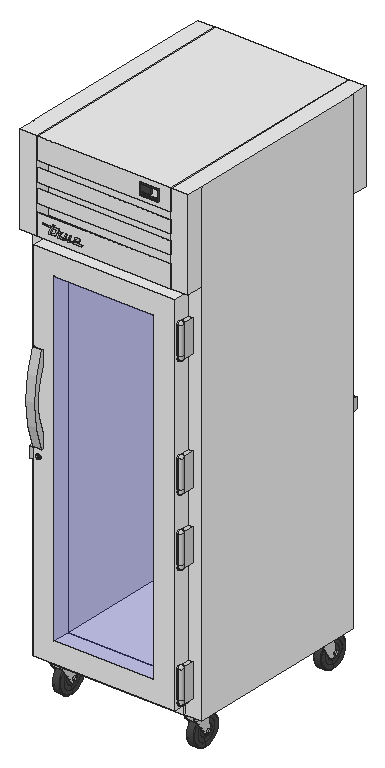
Revit family "QF_TRUE_STR1RPT-1G-1S-HC", category Specialty Equipment, Revit 2012
Parameters
  Weight in Pounds = 0
  Watts = Volts * FL Amps  # 437 W
  Volts = 115 V
  URL Manufacturer = "www.truemfg.com"
  URL Cutsheet = "www.truemfg.com"
  URL = "www.truemfg.com"
  Type Mark [instance] = ""
  Type Comments = "www.truemfg.com"
  Status [instance] = ""
  Specification by User [instance] = ""
  Specification by Manufacturer = ""
  Show Seismic Flanged [instance] = no
  Show Logo [instance] = yes
  Show Legs [instance] = no
  Show Clearance [instance] = yes
  Serial Number = ""
  Seismic Rating = ""
  Seismic Plate [instance] = and(Show Seismic Flanged, not(Show Casters))  # no
  SMACNA No = ""
  Revision Code [instance] = ""
  Phase = 1
  Omniclass Number and Title = ""
  Number of Poles [instance] = 1
  NAFEM Spec ID Number = ""
  Model = "STR1RPT-1G-1S-HC"
  Min Ckt Ampacity = 3.8 A
  Max Overcurrent Protection = 3.8 A
  MasterSpec. = ""
  Manufacturer = "TRUE FOOD SERVICE EQUIPMENT, INC."
  Length = 27 1/2"
  Legs [instance] = or(Show Legs, Show Seismic Flanged)  # no
  Item Number [instance] = ""
  Installed By [instance] = ""
  Identify Quantity as Lot [instance] = yes
  Height = 77 3/4"
  HP = "1/4"
  Furnished By [instance] = ""
  Foodservice Equipment Identifier [instance] = yes
  FL Amps = 3.8 A
  Electrical Remarks [instance] = ""
  Electric Connection Type [instance] = ""
  Elec Conn RI Height [instance] = 0"
  Elec Conn Connection Height [instance] = 0"
  Description = "PASS-THRU GLASS FRONT/SOLID REAR SWING DOORS REFRIGERATOR WITH HYDROCARBON REFRIGERANT"
  Depth = 36 1/8"
  Cycle = 60 Hz
  Conn Plug = "5-15P"
  Conn Conduit = yes
  Show Casters [instance] = and(not(if(Show Legs, Show Legs, Show Legs)), not(if(Show Legs, Show Legs, Show Seismic Flanged)))  # yes
  CSI MasterFormat = ""
  CSI Master Format = ""
  Apparent Power = if(Phase = 3, Volts * FL Amps * 1.73, Volts * FL Amps)  # 437 VA
Reference planes (in)
  plane 1: z = 0
  plane 2 "LEFT": x = 0
  plane 3 "RIGHT": x = 27.5
  plane 4 "FRONT": y = -33.75
  plane 5 "TOP": z = 84.125
  plane 6: z = 6.125
  plane 7: y = -33.8917
  plane 8: y = 2.375
  plane 9: y = 4.03125
  plane 10: y = -35.40625
Forms (in)
  Extrusion 1, solid, material "QF_Finishes_Chrome - Satin"
    sketch origin (0.09687, 0, 0) x (1, 0, 0) y (0, 1, 0)
      loop
        line (-0.09687, -0.375) -> (-0.09687, -31) -> (2.7625, -31) -> (2.7625, -0.375) -> (-0.09687, -0.375)
    from 6.125 to 84.125
  Extrusion 2, solid, material "QF_Finishes_Chrome - Satin"
    sketch origin (50.15, 0, 0) x (1, 0, 0) y (0, 1, 0)
      loop
        line (-25.50937, -0.375) -> (-25.50937, -31) -> (-22.65, -31) -> (-22.65, -0.375) -> (-25.50937, -0.375)
    from 6.125 to 84.125
  Extrusion 3, solid, material "QF_Finishes_Chrome - Satin"
    sketch origin (0, -0.1875, 0) x (0, 1, 0) y (0, 0, 1)
      loop
        line (-33.5625, 69.5) -> (-31, 69.5) -> (-31, 64.625) -> (0, 64.625) -> (0, 69.5) -> (2.5625, 69.5) -> (2.5625, 73.29302) -> (0.21659, 71.625) -> (0.21659, 72.90057) -> (2.5625, 74.56859) -> (2.5625, 76.6648) -> (0.21659, 74.99678) -> (0.21659, 75.95754) -> (2.5625, 77.62556) -> (2.5625, 79.75927) -> (0.21659, 78.09125) -> (0.21659, 79.21352) -> (2.5625, 80.88154) -> (2.5625, 84.125) -> (-33.5625, 84.125) -> (-33.5625, 80.68002) -> (-31.5, 79.21352) -> (-31.5, 78.09125) -> (-33.5625, 79.55776) -> (-33.5625, 77.42405) -> (-31.5, 75.95754) -> (-31.5, 74.99678) -> (-33.5625, 76.46328) -> (-33.5625, 74.36708) -> (-31.5, 72.90057) -> (-31.5, 71.625) -> (-33.5625, 73.09151) -> (-33.5625, 69.5)
      loop
        line (-31, 6.125) -> (0, 6.125) -> (0, 8.94743) -> (-31, 8.94743) -> (-31, 6.125)
    from 2.85938 to 24.64063
  Extrusion 4, solid, material "QF_Finishes_Chrome - Satin"
    sketch origin (0.10531, 0, 0) x (1, 0, 0) y (0, 1, 0)
      loop
        line (27.34782, -31) -> (24.53532, -31) -> (24.53532, -33.75) -> (27.34782, -33.75) -> (27.34782, -31)
    from 69.5 to 84.125
  Extrusion 5, solid, material "QF_Finishes_Chrome - Satin"
    sketch origin (-50.19421, 0, 0.25) x (1, 0, 0) y (0, 1, 0)
      loop
        line (53.05359, -31) -> (50.24109, -31) -> (50.24109, -33.75) -> (53.05359, -33.75) -> (53.05359, -31)
    from 69.25 to 83.875
  Extrusion 6, solid, material "QF_Finishes_Chrome - Satin"
    sketch origin (-25.125, 0, -0.71875) x (1, 0, 0) y (0, 0, 1)
      loop
        line (27.40625, 8.75) -> (50.34375, 8.75) -> (50.34375, 68.6875) -> (27.40625, 68.6875) -> (27.40625, 8.75)
      loop
        line (30.75, 12.09375) -> (47, 12.09375) -> (47, 65.34375) -> (30.75, 65.34375) -> (30.75, 12.09375)
    from 31 to 33.75
  Extrusion 7, solid, material "QF_Finishes_Handrails and Railings"
    sketch origin (-8.56481, -0.26185, 93.525) x (0, 1, 0) y (0, 0, 1)
      loop
        line (-33.48815, -54.775) -> (-33.48815, -52.39813)
        arc (-33.48815, -52.39813) -> (-34.66767, -47.525) -> (-33.48815, -42.65188) r 10.65627
        line (-33.48815, -42.65188) -> (-33.48815, -40.275) -> (-33.7, -40.275)
        arc (-33.7, -40.275) -> (-35.1444, -47.525) -> (-33.7, -54.775) r 18.91753
        line (-33.7, -54.775) -> (-33.48815, -54.775)
    from 10.87731 to 12.37731
  Extrusion 8, solid, material "QF_Finishes_Handrails and Railings"
    sketch origin (-23.375, -0.1875, -2.6875) x (1, 0, 0) y (0, 0, 1)
      loop
        circle (26.4375, 40.0625) r 0.35
      loop
        line (26.47265, 40.33635) -> (26.41715, 40.33635) -> (26.41715, 39.76895) -> (26.47265, 39.76895) -> (26.47265, 40.33635)
    from 33.5625 to 33.625
  Extrusion 9, solid, material "QF_Finishes_Handrails and Railings", visible <- "Show Logo"
    sketch origin (0.33478, 1.08173, -6.73143) x (1, 0, 0) y (0, 0, 1)
      loop
        line (3.46044, 78.46231) -> (3.35478, 78.23573) -> (4.76027, 78.23573)
        arc (4.76027, 78.23573) -> (4.78879, 78.18528) -> (4.76027, 78.13484) r 0.05887
        line (4.76027, 78.13484) -> (4.39369, 77.34872)
        arc (4.39369, 77.34872) -> (4.39051, 77.27591) -> (4.43975, 77.22217) r 0.09523
        line (4.43975, 77.22217) -> (5.33844, 77.22217)
        arc (5.33844, 77.22217) -> (5.45192, 77.25795) -> (5.52436, 77.35235) r 0.19785
        line (5.52436, 77.35235) -> (5.81285, 77.97101) -> (6.0779, 77.97101)
        arc (6.0779, 77.97101) -> (6.14744, 77.94543) -> (6.13737, 77.87203) r 0.05911
        line (6.13737, 77.87203) -> (5.89598, 77.35437)
        arc (5.89598, 77.35437) -> (5.89974, 77.2684) -> (5.97231, 77.22217) r 0.09318
        line (5.97231, 77.22217) -> (6.76198, 77.22217)
        arc (6.76198, 77.22217) -> (6.82249, 77.24419) -> (6.85468, 77.29995) r 0.09412
        arc (6.85468, 77.29995) -> (6.87746, 77.24495) -> (6.93246, 77.22217) r 0.07778
        line (6.93246, 77.22217) -> (7.43246, 77.22217)
        arc (7.43246, 77.22217) -> (7.49022, 77.23765) -> (7.53251, 77.27993) r 0.11552
        arc (7.53251, 77.27993) -> (7.55275, 77.23106) -> (7.60162, 77.21081) r 0.06912
        line (7.60162, 77.21081) -> (8.31225, 77.21081)
        arc (8.31225, 77.21081) -> (8.37034, 77.23488) -> (8.39441, 77.29297) r 0.08216
        arc (8.39441, 77.29297) -> (8.44767, 77.23972) -> (8.52042, 77.22022) r 0.14551
        line (8.52042, 77.22022) -> (9.85158, 77.22022) -> (9.99946, 77.47634) -> (8.65678, 77.47634)
        arc (8.65678, 77.47634) -> (8.61972, 77.50204) -> (8.61834, 77.54711) r 0.05009
        line (8.61834, 77.54711) -> (8.64157, 77.59692)
        arc (8.64157, 77.59692) -> (8.67723, 77.64364) -> (8.73327, 77.66135) r 0.09747
        line (8.73327, 77.66135) -> (9.16485, 77.66135)
        arc (9.16485, 77.66135) -> (9.258, 77.68631) -> (9.32619, 77.7545) r 0.1863
        line (9.32619, 77.7545) -> (9.45119, 77.97101)
        arc (9.45119, 77.97101) -> (9.45119, 78.08657) -> (9.35111, 78.14434) r 0.11556
        line (9.35111, 78.14434) -> (8.89562, 78.14434)
        arc (8.89562, 78.14434) -> (8.7795, 78.12462) -> (8.69849, 78.03912) r 0.18605
        line (8.69849, 78.03912) -> (8.48204, 77.57493)
        arc (8.48204, 77.57493) -> (8.41815, 77.49167) -> (8.31806, 77.46011) r 0.1745
        line (8.31806, 77.46011) -> (7.84559, 77.46011)
        arc (7.84559, 77.46011) -> (7.78903, 77.52184) -> (7.79268, 77.60548) r 0.10939
        line (7.79268, 77.60548) -> (8.04395, 78.14434) -> (7.88403, 78.14434) -> (7.61781, 77.57344)
        arc (7.61781, 77.57344) -> (7.56609, 77.50603) -> (7.48505, 77.48048) r 0.14128
        line (7.48505, 77.48048) -> (7.15925, 77.48048)
        arc (7.15925, 77.48048) -> (7.10419, 77.55223) -> (7.116, 77.64189) r 0.11816
        line (7.116, 77.64189) -> (7.3503, 78.14434) -> (7.18514, 78.14434) -> (6.91546, 77.566)
        arc (6.91546, 77.566) -> (6.85285, 77.50339) -> (6.76733, 77.48048) r 0.17104
        line (6.76733, 77.48048) -> (6.29555, 77.48048)
        arc (6.29555, 77.48048) -> (6.21082, 77.51999) -> (6.20267, 77.61313) r 0.0935
        line (6.20267, 77.61313) -> (6.35774, 77.94569) -> (6.57695, 77.94569)
        arc (6.57695, 77.94569) -> (6.61395, 78.05717) -> (6.69267, 78.14434) r 0.2857
        line (6.69267, 78.14434) -> (5.83605, 78.14434)
        arc (5.83605, 78.14434) -> (5.74086, 78.12324) -> (5.67498, 78.05135) r 0.16212
        line (5.67498, 78.05135) -> (5.44279, 77.55341)
        arc (5.44279, 77.55341) -> (5.3894, 77.50002) -> (5.31647, 77.48048) r 0.14586
        line (5.31647, 77.48048) -> (4.80506, 77.48048)
        arc (4.80506, 77.48048) -> (4.76514, 77.53442) -> (4.77274, 77.60109) r 0.09155
        line (4.77274, 77.60109) -> (5.11018, 78.23573) -> (5.96155, 78.23573) -> (6.06721, 78.46231) -> (5.21584, 78.46231) -> (5.32149, 78.68888) -> (5.01862, 78.68888) -> (4.91297, 78.46231) -> (3.46044, 78.46231)
      loop
        arc (8.83805, 77.93863) -> (8.80119, 77.92875) -> (8.7742, 77.90176) r 0.07373
        line (8.7742, 77.90176) -> (8.75229, 77.83436)
        arc (8.75229, 77.83436) -> (8.76245, 77.80983) -> (8.78699, 77.79966) r 0.0347
        line (8.78699, 77.79966) -> (9.15948, 77.79966)
        arc (9.15948, 77.79966) -> (9.18632, 77.80561) -> (9.20812, 77.82234) r 0.0635
        line (9.20812, 77.82234) -> (9.22624, 77.90622)
        arc (9.22624, 77.90622) -> (9.22091, 77.92868) -> (9.20009, 77.93863) r 0.02676
        line (9.20009, 77.93863) -> (8.83805, 77.93863)
    from 34.64423 to 34.83173
  Extrusion 10, solid
    sketch origin (-25.125, 2.60721, 0) x (1, 0, 0) y (0, 0, 1)
      loop
        circle (49.375, 82) r 0.25
    from 0.23221 to 0.125
  Blend 11, solid, material "QF_Finishes_Handrails and Railings"
    base sketch origin (27.53125, 0, -0.6875) x (-1, 0, 0) y (0, 0, -1)
      loop
        line (25.25, -38.99169) -> (26, -38.99169) -> (26, -37.24169) -> (25.25, -37.24169) -> (25.25, -38.99169)
    top sketch origin (27.53125, 0, -0.6875) x (-1, 0, 0) y (0, 0, -1)
      loop
        line (26.18223, -36.6441) -> (25.25, -36.6441) -> (25.25, -39.42643) -> (26.18223, -39.42643) -> (26.18223, -36.6441)
    from 33.5625 to 31
  Extrusion 12, solid, material "QF_Finishes_Handrails and Railings"
    sketch origin (26.21875, 0.10979, 0) x (0, 1, 0) y (0, 0, -1)
      loop
        line (-31.10979, -64.55229) -> (-31.10979, -59.23627) -> (-33.25, -59.23627) -> (-33.25, -59.94848) -> (-32.81497, -59.94848) -> (-32.81497, -64.34776)
        arc (-32.81497, -64.34776) -> (-32.75506, -64.49238) -> (-32.61044, -64.55229) r 0.20453
        line (-32.61044, -64.55229) -> (-31.10979, -64.55229)
    from 0.17506 to 1
  Revolve 13, solid, material "QF_Finishes_Handrails and Railings"
    sketch origin (25.71875, 0.10979, 0) x (0, 1, 0) y (0, 0, -1)
      loop
        line (-33.26563, -60.00189) -> (-33.67229, -60.00189) -> (-33.67229, -64.4736)
        arc (-33.67229, -64.4736) -> (-33.53722, -64.72557) -> (-33.26563, -64.81483) r 0.3848
        line (-33.26563, -64.81483) -> (-33.26563, -60.00189)
      loop
        line (-33.26563, -59.94848) -> (-33.26563, -59.04781)
        arc (-33.26563, -59.04781) -> (-33.53264, -59.13383) -> (-33.67229, -59.37712) r 0.38884
        line (-33.67229, -59.37712) -> (-33.67229, -59.94848) -> (-33.26563, -59.94848)
      axis (-33.26563, -59.04781) -> (-33.26563, -64.81483)
    angle from 0 to 360
  Extrusion 14, solid, material "QF_Finishes_Handrails and Railings"
    sketch origin (27.53125, 0.10979, 0) x (-1, 0, 0) y (0, 0, -1)
      loop
        line (1.91491, -64.4736) -> (2.3125, -64.4736) -> (2.3125, -60.00079) -> (1.91491, -60.00079) -> (1.91491, -64.4736)
    from 32.81497 to 33.59495
  Extrusion 15, solid, material "QF_Finishes_Handrails and Railings"
    sketch origin (26.21875, 0.10979, -19.5) x (0, 1, 0) y (0, 0, -1)
      loop
        line (-31.10979, -64.55229) -> (-31.10979, -59.23627) -> (-33.25, -59.23627) -> (-33.25, -59.94848) -> (-32.81497, -59.94848) -> (-32.81497, -64.34776)
        arc (-32.81497, -64.34776) -> (-32.75506, -64.49238) -> (-32.61044, -64.55229) r 0.20453
        line (-32.61044, -64.55229) -> (-31.10979, -64.55229)
    from 0.17506 to 1
  Revolve 16, solid, material "QF_Finishes_Handrails and Railings"
    sketch origin (25.71875, 0.10979, -19.5) x (0, 1, 0) y (0, 0, -1)
      loop
        line (-33.26563, -60.00189) -> (-33.67229, -60.00189) -> (-33.67229, -64.4736)
        arc (-33.67229, -64.4736) -> (-33.53722, -64.72557) -> (-33.26563, -64.81483) r 0.3848
        line (-33.26563, -64.81483) -> (-33.26563, -60.00189)
      loop
        line (-33.26563, -59.94848) -> (-33.26563, -59.04781)
        arc (-33.26563, -59.04781) -> (-33.53264, -59.13383) -> (-33.67229, -59.37712) r 0.38884
        line (-33.67229, -59.37712) -> (-33.67229, -59.94848) -> (-33.26563, -59.94848)
      axis (-33.26563, -59.04781) -> (-33.26563, -64.81483)
    angle from 0 to 360
  Extrusion 17, solid, material "QF_Finishes_Handrails and Railings"
    sketch origin (27.53125, 0.10979, -19.5) x (-1, 0, 0) y (0, 0, -1)
      loop
        line (1.91491, -64.4736) -> (2.3125, -64.4736) -> (2.3125, -60.00079) -> (1.91491, -60.00079) -> (1.91491, -64.4736)
    from 32.81497 to 33.59495
  Extrusion 18, solid, material "QF_Finishes_Handrails and Railings"
    sketch origin (26.21875, 0.10979, -30.5) x (0, 1, 0) y (0, 0, -1)
      loop
        line (-31.10979, -64.55229) -> (-31.10979, -59.23627) -> (-33.25, -59.23627) -> (-33.25, -59.94848) -> (-32.81497, -59.94848) -> (-32.81497, -64.34776)
        arc (-32.81497, -64.34776) -> (-32.75506, -64.49238) -> (-32.61044, -64.55229) r 0.20453
        line (-32.61044, -64.55229) -> (-31.10979, -64.55229)
    from 0.17506 to 1
  Revolve 19, solid, material "QF_Finishes_Handrails and Railings"
    sketch origin (25.71875, 0.10979, -30.5) x (0, 1, 0) y (0, 0, -1)
      loop
        line (-33.26563, -60.00189) -> (-33.67229, -60.00189) -> (-33.67229, -64.4736)
        arc (-33.67229, -64.4736) -> (-33.53722, -64.72557) -> (-33.26563, -64.81483) r 0.3848
        line (-33.26563, -64.81483) -> (-33.26563, -60.00189)
      loop
        line (-33.26563, -59.94848) -> (-33.26563, -59.04781)
        arc (-33.26563, -59.04781) -> (-33.53264, -59.13383) -> (-33.67229, -59.37712) r 0.38884
        line (-33.67229, -59.37712) -> (-33.67229, -59.94848) -> (-33.26563, -59.94848)
      axis (-33.26563, -59.04781) -> (-33.26563, -64.81483)
    angle from 0 to 360
  Extrusion 20, solid, material "QF_Finishes_Handrails and Railings"
    sketch origin (27.53125, 0.10979, -30.5) x (-1, 0, 0) y (0, 0, -1)
      loop
        line (1.91491, -64.4736) -> (2.3125, -64.4736) -> (2.3125, -60.00079) -> (1.91491, -60.00079) -> (1.91491, -64.4736)
    from 32.81497 to 33.59495
  Extrusion 21, solid, material "QF_Finishes_Handrails and Railings"
    sketch origin (26.21875, 0.10979, -50.25) x (0, 1, 0) y (0, 0, -1)
      loop
        line (-31.10979, -64.55229) -> (-31.10979, -59.19743) -> (-33.25, -59.19743) -> (-33.25, -59.94848) -> (-32.81497, -59.94848) -> (-32.81497, -64.34776)
        arc (-32.81497, -64.34776) -> (-32.75506, -64.49238) -> (-32.61044, -64.55229) r 0.20453
        line (-32.61044, -64.55229) -> (-31.10979, -64.55229)
    from 0.17506 to 1
  Revolve 22, solid, material "QF_Finishes_Handrails and Railings"
    sketch origin (25.71875, 0.10979, -50.25) x (0, 1, 0) y (0, 0, -1)
      loop
        line (-33.26563, -60.00189) -> (-33.67229, -60.00189) -> (-33.67229, -64.4736)
        arc (-33.67229, -64.4736) -> (-33.53722, -64.72557) -> (-33.26563, -64.81483) r 0.3848
        line (-33.26563, -64.81483) -> (-33.26563, -60.00189)
      loop
        line (-33.26563, -59.94848) -> (-33.26563, -59.04781)
        arc (-33.26563, -59.04781) -> (-33.53264, -59.13383) -> (-33.67229, -59.37712) r 0.38884
        line (-33.67229, -59.37712) -> (-33.67229, -59.94848) -> (-33.26563, -59.94848)
      axis (-33.26563, -59.04781) -> (-33.26563, -64.81483)
    angle from 0 to 360
  Extrusion 23, solid, material "QF_Finishes_Handrails and Railings"
    sketch origin (27.53125, 0.10979, -50.25) x (-1, 0, 0) y (0, 0, -1)
      loop
        line (1.91491, -64.4736) -> (2.3125, -64.4736) -> (2.3125, -60.00079) -> (1.91491, -60.00079) -> (1.91491, -64.4736)
    from 32.81497 to 33.59495
  Revolve 24, solid, material "QF_Finishes_Black", visible <- "Show Casters"
    sketch origin (22.65625, -27.375, 0) x (1, 0, 0) y (0, 0, 1)
      loop
        line (1.475, 5) -> (1.375, 4.9) -> (1.375, 4.29941) -> (1.53601, 4.29941) -> (1.53601, 3.54941) -> (1.375, 3.54941) -> (1.375, 2.79941) -> (0.975, 2.79941) -> (0.975, 2.5) -> (3.025, 2.5) -> (3.025, 2.79941) -> (2.62908, 2.79941) -> (2.62908, 3.54941) -> (2.46399, 3.54941) -> (2.46399, 4.29941) -> (2.62908, 4.29941) -> (2.62908, 4.89592) -> (2.525, 5) -> (1.475, 5)
      axis (3.025, 2.5) -> (0.975, 2.5)
    angle from 0 to 360
  Extrusion 25, solid, material "QF_Finishes_Handrails and Railings", visible <- "Show Casters"
    sketch origin (22.65625, 0, 0) x (0, 1, 0) y (0, 0, 1)
      loop
        line (-29.95136, 5.48574) -> (-29.95136, 4.88089) -> (-29.70136, 4.88089) -> (-27.95216, 2.18736)
        arc (-27.95216, 2.18736) -> (-27.23883, 1.94868) -> (-26.84581, 2.59003) r 0.60416
        line (-26.84581, 2.59003) -> (-27.20136, 5.48574) -> (-29.95136, 5.48574)
      loop
        line (-4.07645, 5.48574) -> (-4.07645, 4.88089) -> (-3.82645, 4.88089) -> (-2.07725, 2.18736)
        arc (-2.07725, 2.18736) -> (-1.36392, 1.94868) -> (-0.9709, 2.59003) r 0.60416
        line (-0.9709, 2.59003) -> (-1.32645, 5.48574) -> (-4.07645, 5.48574)
    from 1.175 to 1.325
  Extrusion 26, solid, material "QF_Finishes_Handrails and Railings", visible <- "Show Casters"
    sketch origin (24.15625, 0, 0) x (0, 1, 0) y (0, 0, 1)
      loop
        line (-29.95136, 5.48574) -> (-29.95136, 4.88089) -> (-29.70136, 4.88089) -> (-27.95216, 2.18736)
        arc (-27.95216, 2.18736) -> (-27.23883, 1.94868) -> (-26.84581, 2.59003) r 0.60416
        line (-26.84581, 2.59003) -> (-27.20136, 5.48574) -> (-29.95136, 5.48574)
      loop
        line (-4.45145, 5.48574) -> (-4.45145, 4.88089) -> (-4.20145, 4.88089) -> (-2.45225, 2.18736)
        arc (-2.45225, 2.18736) -> (-1.73892, 1.94868) -> (-1.3459, 2.59003) r 0.60416
        line (-1.3459, 2.59003) -> (-1.70145, 5.48574) -> (-4.45145, 5.48574)
    from 1.175 to 1.325
  Revolve 27, solid, material "QF_Finishes_Chrome - Satin", visible <- "Show Casters"
    sketch origin (22.65625, -28.5625, -0.5) x (1, 0, 0) y (0, 0, 1)
      loop
        line (2, 5.99546) -> (2, 6.625) -> (0.70293, 6.625) -> (0.70293, 5.99546) -> (2, 5.99546)
      axis (2, 5.99546) -> (2, 6.625)
    angle from 0 to 360
  Revolve 28, solid, material "QF_Finishes_Chrome - Satin", visible <- "Legs"
    sketch origin (22.65625, -2.69102, 0) x (1, 0, 0) y (0, 0, 1)
      loop
        line (2, 6.125) -> (0.66662, 6.125) -> (1.25, 1) -> (1.5, 1) -> (1.5, 0) -> (2, 0) -> (2, 6.125)
      axis (2, 0) -> (2, 6.125)
    angle from 0 to 360
  Revolve 29, solid, material "QF_Finishes_Chrome - Satin", visible <- "Legs"
    sketch origin (22.65625, -28.5625, 0) x (1, 0, 0) y (0, 0, 1)
      loop
        line (2, 6.125) -> (0.66662, 6.125) -> (1.25, 1) -> (1.5, 1) -> (1.5, 0) -> (2, 0) -> (2, 6.125)
      axis (2, 0) -> (2, 6.125)
    angle from 0 to 360
  Revolve 30, solid, material "QF_Finishes_Chrome - Satin", visible <- "Show Casters"
    sketch origin (22.65625, -2.70321, -0.5) x (1, 0, 0) y (0, 0, 1)
      loop
        line (2, 5.99546) -> (2, 6.625) -> (0.70293, 6.625) -> (0.70293, 5.99546) -> (2, 5.99546)
      axis (2, 5.99546) -> (2, 6.625)
    angle from 0 to 360
  Extrusion 31, solid, material "QF_Finishes_Handrails and Railings", visible <- "Show Casters"
    sketch origin (-25.125, 0, 0) x (0, 1, 0) y (0, 0, 1)
      loop
        line (-29.95136, 5.48574) -> (-29.95136, 4.88089) -> (-29.70136, 4.88089) -> (-27.16533, 5.19227) -> (-27.20136, 5.48574) -> (-29.95136, 5.48574)
      loop
        line (-4.07645, 5.48574) -> (-4.07645, 4.88089) -> (-3.82645, 4.88089) -> (-1.29042, 5.19227) -> (-1.32645, 5.48574) -> (-4.07645, 5.48574)
    from 49.10625 to 50.45625
  Revolve 32, solid, material "QF_Finishes_Black", visible <- "Show Casters"
    sketch origin (22.65625, -1.4375, 0) x (1, 0, 0) y (0, 0, 1)
      loop
        line (1.475, 5) -> (1.375, 4.9) -> (1.375, 4.29941) -> (1.53601, 4.29941) -> (1.53601, 3.54941) -> (1.375, 3.54941) -> (1.375, 2.79941) -> (0.975, 2.79941) -> (0.975, 2.5) -> (3.025, 2.5) -> (3.025, 2.79941) -> (2.62908, 2.79941) -> (2.62908, 3.54941) -> (2.46399, 3.54941) -> (2.46399, 4.29941) -> (2.62908, 4.29941) -> (2.62908, 4.89592) -> (2.525, 5) -> (1.475, 5)
      axis (3.025, 2.5) -> (0.975, 2.5)
    angle from 0 to 360
  Revolve 33, solid, material "QF_Finishes_Black", visible <- "Show Casters"
    sketch origin (0.84375, -27.375, 0) x (1, 0, 0) y (0, 0, 1)
      loop
        line (1.475, 5) -> (1.375, 4.9) -> (1.375, 4.29941) -> (1.53601, 4.29941) -> (1.53601, 3.54941) -> (1.375, 3.54941) -> (1.375, 2.79941) -> (0.975, 2.79941) -> (0.975, 2.5) -> (3.025, 2.5) -> (3.025, 2.79941) -> (2.62908, 2.79941) -> (2.62908, 3.54941) -> (2.46399, 3.54941) -> (2.46399, 4.29941) -> (2.62908, 4.29941) -> (2.62908, 4.89592) -> (2.525, 5) -> (1.475, 5)
      axis (3.025, 2.5) -> (0.975, 2.5)
    angle from 0 to 360
  Extrusion 34, solid, material "QF_Finishes_Handrails and Railings", visible <- "Show Casters"
    sketch origin (0.84375, 0, 0) x (0, 1, 0) y (0, 0, 1)
      loop
        line (-29.95136, 5.48574) -> (-29.95136, 4.88089) -> (-29.70136, 4.88089) -> (-27.95216, 2.18736)
        arc (-27.95216, 2.18736) -> (-27.23883, 1.94868) -> (-26.84581, 2.59003) r 0.60416
        line (-26.84581, 2.59003) -> (-27.20136, 5.48574) -> (-29.95136, 5.48574)
      loop
        line (-4.07645, 5.48574) -> (-4.07645, 4.88089) -> (-3.82645, 4.88089) -> (-2.07725, 2.18736)
        arc (-2.07725, 2.18736) -> (-1.36392, 1.94868) -> (-0.9709, 2.59003) r 0.60416
        line (-0.9709, 2.59003) -> (-1.32645, 5.48574) -> (-4.07645, 5.48574)
    from 1.175 to 1.325
  Extrusion 35, solid, material "QF_Finishes_Handrails and Railings", visible <- "Show Casters"
    sketch origin (2.34375, 0, 0) x (0, 1, 0) y (0, 0, 1)
      loop
        line (-29.95136, 5.48574) -> (-29.95136, 4.88089) -> (-29.70136, 4.88089) -> (-27.95216, 2.18736)
        arc (-27.95216, 2.18736) -> (-27.23883, 1.94868) -> (-26.84581, 2.59003) r 0.60416
        line (-26.84581, 2.59003) -> (-27.20136, 5.48574) -> (-29.95136, 5.48574)
      loop
        line (-4.07645, 5.48574) -> (-4.07645, 4.88089) -> (-3.82645, 4.88089) -> (-2.07725, 2.18736)
        arc (-2.07725, 2.18736) -> (-1.36392, 1.94868) -> (-0.9709, 2.59003) r 0.60416
        line (-0.9709, 2.59003) -> (-1.32645, 5.48574) -> (-4.07645, 5.48574)
    from 1.175 to 1.325
  Revolve 36, solid, material "QF_Finishes_Chrome - Satin", visible <- "Show Casters"
    sketch origin (0.84375, -28.5625, -0.5) x (1, 0, 0) y (0, 0, 1)
      loop
        line (2, 5.99546) -> (2, 6.625) -> (0.70293, 6.625) -> (0.70293, 5.99546) -> (2, 5.99546)
      axis (2, 5.99546) -> (2, 6.625)
    angle from 0 to 360
  Revolve 37, solid, material "QF_Finishes_Chrome - Satin", visible <- "Legs"
    sketch origin (0.84375, -2.69102, 0) x (1, 0, 0) y (0, 0, 1)
      loop
        line (2, 6.125) -> (0.66662, 6.125) -> (1.25, 1) -> (1.5, 1) -> (1.5, 0) -> (2, 0) -> (2, 6.125)
      axis (2, 0) -> (2, 6.125)
    angle from 0 to 360
  Revolve 38, solid, material "QF_Finishes_Chrome - Satin", visible <- "Legs"
    sketch origin (0.84375, -28.5625, 0) x (1, 0, 0) y (0, 0, 1)
      loop
        line (2, 6.125) -> (0.66662, 6.125) -> (1.25, 1) -> (1.5, 1) -> (1.5, 0) -> (2, 0) -> (2, 6.125)
      axis (2, 0) -> (2, 6.125)
    angle from 0 to 360
  Revolve 39, solid, material "QF_Finishes_Chrome - Satin", visible <- "Show Casters"
    sketch origin (0.84375, -2.70321, -0.5) x (1, 0, 0) y (0, 0, 1)
      loop
        line (2, 5.99546) -> (2, 6.625) -> (0.70293, 6.625) -> (0.70293, 5.99546) -> (2, 5.99546)
      axis (2, 5.99546) -> (2, 6.625)
    angle from 0 to 360
  Extrusion 40, solid, material "QF_Finishes_Handrails and Railings", visible <- "Show Casters"
    sketch origin (-46.9375, 0, 0) x (0, 1, 0) y (0, 0, 1)
      loop
        line (-29.95136, 5.48574) -> (-29.95136, 4.88089) -> (-29.70136, 4.88089) -> (-27.16533, 5.19227) -> (-27.20136, 5.48574) -> (-29.95136, 5.48574)
      loop
        line (-4.07645, 5.48574) -> (-4.07645, 4.88089) -> (-3.82645, 4.88089) -> (-1.29042, 5.19227) -> (-1.32645, 5.48574) -> (-4.07645, 5.48574)
    from 49.10625 to 50.45625
  Revolve 41, solid, material "QF_Finishes_Black", visible <- "Show Casters"
    sketch origin (0.84375, -1.4375, 0) x (1, 0, 0) y (0, 0, 1)
      loop
        line (1.475, 5) -> (1.375, 4.9) -> (1.375, 4.29941) -> (1.53601, 4.29941) -> (1.53601, 3.54941) -> (1.375, 3.54941) -> (1.375, 2.79941) -> (0.975, 2.79941) -> (0.975, 2.5) -> (3.025, 2.5) -> (3.025, 2.79941) -> (2.62908, 2.79941) -> (2.62908, 3.54941) -> (2.46399, 3.54941) -> (2.46399, 4.29941) -> (2.62908, 4.29941) -> (2.62908, 4.89592) -> (2.525, 5) -> (1.475, 5)
      axis (3.025, 2.5) -> (0.975, 2.5)
    angle from 0 to 360
  Extrusion 42, solid, material "Glass"
    sketch origin (-25.125, 0, -0.71875) x (1, 0, 0) y (0, 0, 1)
      loop
        line (30.75, 12.09375) -> (47, 12.09375) -> (47, 65.34375) -> (30.75, 65.34375) -> (30.75, 12.09375)
    from 31 to 33.75
  Extrusion 43, solid, material "QF_Finishes_Chrome - Satin"
    sketch origin (-25.125, -31.7042, -0.71875) x (1, 0, 0) y (0, 0, -1)
      loop
        line (27.40625, -68.6875) -> (50.34375, -68.6875) -> (50.34375, -8.75) -> (27.40625, -8.75) -> (27.40625, -68.6875)
    from 31.3292 to 34.0792
  Extrusion 44, solid, material "QF_Finishes_Chrome - Satin"
    sketch origin (0.10531, -31.3292, 0) x (1, 0, 0) y (0, 1, 0)
      loop
        line (27.34782, 30.9542) -> (27.34782, 33.7042) -> (24.53532, 33.7042) -> (24.53532, 30.9542) -> (27.34782, 30.9542)
    from 69.5 to 84.125
  Extrusion 45, solid, material "QF_Finishes_Chrome - Satin"
    sketch origin (-50.14734, -31.3292, 0.25) x (1, 0, 0) y (0, 1, 0)
      loop
        line (53.00671, 30.9542) -> (53.00671, 33.7042) -> (50.19421, 33.7042) -> (50.19421, 30.9542) -> (53.00671, 30.9542)
    from 69.25 to 83.875
  Extrusion 46, solid, material "QF_Finishes_Handrails and Railings"
    sketch origin (1.28125, -31.48479, 0) x (0, -1, 0) y (0, 0, -1)
      loop
        line (-31.10979, -64.55229) -> (-31.10979, -59.23627) -> (-33.25, -59.23627) -> (-33.25, -59.94848) -> (-32.81497, -59.94848) -> (-32.81497, -64.34776)
        arc (-32.81497, -64.34776) -> (-32.75506, -64.49238) -> (-32.61044, -64.55229) r 0.20453
        line (-32.61044, -64.55229) -> (-31.10979, -64.55229)
    from 0.17506 to 1
  Revolve 47, solid, material "QF_Finishes_Handrails and Railings"
    sketch origin (1.78125, -31.48479, 0) x (0, -1, 0) y (0, 0, -1)
      loop
        line (-33.26563, -60.00189) -> (-33.67229, -60.00189) -> (-33.67229, -64.4736)
        arc (-33.67229, -64.4736) -> (-33.53722, -64.72557) -> (-33.26563, -64.81483) r 0.3848
        line (-33.26563, -64.81483) -> (-33.26563, -60.00189)
      loop
        line (-33.26563, -59.94848) -> (-33.26563, -59.04781)
        arc (-33.26563, -59.04781) -> (-33.53264, -59.13383) -> (-33.67229, -59.37712) r 0.38884
        line (-33.67229, -59.37712) -> (-33.67229, -59.94848) -> (-33.26563, -59.94848)
      axis (-33.26563, -59.04781) -> (-33.26563, -64.81483)
    angle from 0 to 360
  Extrusion 48, solid, material "QF_Finishes_Handrails and Railings"
    sketch origin (-0.03125, -31.48479, 0) x (1, 0, 0) y (0, 0, -1)
      loop
        line (1.91491, -64.4736) -> (2.3125, -64.4736) -> (2.3125, -60.00079) -> (1.91491, -60.00079) -> (1.91491, -64.4736)
    from 32.81497 to 33.59495
  Extrusion 49, solid, material "QF_Finishes_Handrails and Railings"
    sketch origin (1.28125, -31.48479, -19.5) x (0, -1, 0) y (0, 0, -1)
      loop
        line (-31.10979, -64.55229) -> (-31.10979, -59.23627) -> (-33.25, -59.23627) -> (-33.25, -59.94848) -> (-32.81497, -59.94848) -> (-32.81497, -64.34776)
        arc (-32.81497, -64.34776) -> (-32.75506, -64.49238) -> (-32.61044, -64.55229) r 0.20453
        line (-32.61044, -64.55229) -> (-31.10979, -64.55229)
    from 0.17506 to 1
  Revolve 50, solid, material "QF_Finishes_Handrails and Railings"
    sketch origin (1.78125, -31.48479, -19.5) x (0, -1, 0) y (0, 0, -1)
      loop
        line (-33.26563, -60.00189) -> (-33.67229, -60.00189) -> (-33.67229, -64.4736)
        arc (-33.67229, -64.4736) -> (-33.53722, -64.72557) -> (-33.26563, -64.81483) r 0.3848
        line (-33.26563, -64.81483) -> (-33.26563, -60.00189)
      loop
        line (-33.26563, -59.94848) -> (-33.26563, -59.04781)
        arc (-33.26563, -59.04781) -> (-33.53264, -59.13383) -> (-33.67229, -59.37712) r 0.38884
        line (-33.67229, -59.37712) -> (-33.67229, -59.94848) -> (-33.26563, -59.94848)
      axis (-33.26563, -59.04781) -> (-33.26563, -64.81483)
    angle from 0 to 360
  Extrusion 51, solid, material "QF_Finishes_Handrails and Railings"
    sketch origin (-0.03125, -31.48479, -19.5) x (1, 0, 0) y (0, 0, -1)
      loop
        line (1.91491, -64.4736) -> (2.3125, -64.4736) -> (2.3125, -60.00079) -> (1.91491, -60.00079) -> (1.91491, -64.4736)
    from 32.81497 to 33.59495
  Extrusion 52, solid, material "QF_Finishes_Handrails and Railings"
    sketch origin (1.28125, -31.48479, -30.5) x (0, -1, 0) y (0, 0, -1)
      loop
        line (-31.10979, -64.55229) -> (-31.10979, -59.23627) -> (-33.25, -59.23627) -> (-33.25, -59.94848) -> (-32.81497, -59.94848) -> (-32.81497, -64.34776)
        arc (-32.81497, -64.34776) -> (-32.75506, -64.49238) -> (-32.61044, -64.55229) r 0.20453
        line (-32.61044, -64.55229) -> (-31.10979, -64.55229)
    from 0.17506 to 1
  Revolve 53, solid, material "QF_Finishes_Handrails and Railings"
    sketch origin (1.78125, -31.48479, -30.5) x (0, -1, 0) y (0, 0, -1)
      loop
        line (-33.26563, -60.00189) -> (-33.67229, -60.00189) -> (-33.67229, -64.4736)
        arc (-33.67229, -64.4736) -> (-33.53722, -64.72557) -> (-33.26563, -64.81483) r 0.3848
        line (-33.26563, -64.81483) -> (-33.26563, -60.00189)
      loop
        line (-33.26563, -59.94848) -> (-33.26563, -59.04781)
        arc (-33.26563, -59.04781) -> (-33.53264, -59.13383) -> (-33.67229, -59.37712) r 0.38884
        line (-33.67229, -59.37712) -> (-33.67229, -59.94848) -> (-33.26563, -59.94848)
      axis (-33.26563, -59.04781) -> (-33.26563, -64.81483)
    angle from 0 to 360
  Extrusion 54, solid, material "QF_Finishes_Handrails and Railings"
    sketch origin (-0.03125, -31.48479, -30.5) x (1, 0, 0) y (0, 0, -1)
      loop
        line (1.91491, -64.4736) -> (2.3125, -64.4736) -> (2.3125, -60.00079) -> (1.91491, -60.00079) -> (1.91491, -64.4736)
    from 32.81497 to 33.59495
  Extrusion 55, solid, material "QF_Finishes_Handrails and Railings"
    sketch origin (1.28125, -31.48479, -50.25) x (0, -1, 0) y (0, 0, -1)
      loop
        line (-31.10979, -64.55229) -> (-31.10979, -59.19743) -> (-33.25, -59.19743) -> (-33.25, -59.94848) -> (-32.81497, -59.94848) -> (-32.81497, -64.34776)
        arc (-32.81497, -64.34776) -> (-32.75506, -64.49238) -> (-32.61044, -64.55229) r 0.20453
        line (-32.61044, -64.55229) -> (-31.10979, -64.55229)
    from 0.17506 to 1
  Revolve 56, solid, material "QF_Finishes_Handrails and Railings"
    sketch origin (1.78125, -31.48479, -50.25) x (0, -1, 0) y (0, 0, -1)
      loop
        line (-33.26563, -60.00189) -> (-33.67229, -60.00189) -> (-33.67229, -64.4736)
        arc (-33.67229, -64.4736) -> (-33.53722, -64.72557) -> (-33.26563, -64.81483) r 0.3848
        line (-33.26563, -64.81483) -> (-33.26563, -60.00189)
      loop
        line (-33.26563, -59.94848) -> (-33.26563, -59.04781)
        arc (-33.26563, -59.04781) -> (-33.53264, -59.13383) -> (-33.67229, -59.37712) r 0.38884
        line (-33.67229, -59.37712) -> (-33.67229, -59.94848) -> (-33.26563, -59.94848)
      axis (-33.26563, -59.04781) -> (-33.26563, -64.81483)
    angle from 0 to 360
  Extrusion 57, solid, material "QF_Finishes_Handrails and Railings"
    sketch origin (-0.03125, -31.48479, -50.25) x (1, 0, 0) y (0, 0, -1)
      loop
        line (1.91491, -64.4736) -> (2.3125, -64.4736) -> (2.3125, -60.00079) -> (1.91491, -60.00079) -> (1.91491, -64.4736)
    from 32.81497 to 33.59495
  Extrusion 58, solid, material "QF_Finishes_Handrails and Railings"
    sketch origin (-31.525, -31.11349, 25.82117) x (-1, 0, 0) y (0, -1, 0)
      loop
        line (-54.775, -33.48849) -> (-54.775, -33.7)
        arc (-54.775, -33.7) -> (-47.525, -35.14474) -> (-40.275, -33.7) r 18.91336
        line (-40.275, -33.7) -> (-40.275, -33.48849) -> (-42.65235, -33.48849)
        arc (-42.65235, -33.48849) -> (-47.525, -34.6585) -> (-52.39765, -33.48849) r 10.73141
        line (-52.39765, -33.48849) -> (-54.775, -33.48849)
    from 10.87731 to 12.12731
  Extrusion 59, solid, material "QF_Finishes_Handrails and Railings"
    sketch origin (51, -31.39133, -2.6875) x (-1, 0, 0) y (0, 0, 1)
      loop
        circle (26.4375, 40.0625) r 0.35
      loop
        line (26.47265, 40.33635) -> (26.41715, 40.33635) -> (26.41715, 39.76895) -> (26.47265, 39.76895) -> (26.47265, 40.33635)
    from 33.76633 to 33.82883
  Blend 60, solid, material "QF_Finishes_Handrails and Railings"
    base sketch origin (-0.03125, -31.57883, -0.6875) x (1, 0, 0) y (0, 0, -1)
      loop
        line (25.25, -38.99169) -> (26, -38.99169) -> (26, -37.24169) -> (25.25, -37.24169) -> (25.25, -38.99169)
    top sketch origin (-0.03125, -31.57883, -0.6875) x (1, 0, 0) y (0, 0, -1)
      loop
        line (26.18223, -36.6441) -> (25.25, -36.6441) -> (25.25, -39.42643) -> (26.18223, -39.42643) -> (26.18223, -36.6441)
    from 33.95383 to 31.20383
  Extrusion 61, solid, material "QF_Finishes_White"
    sketch origin (-23.16691, 0.87626, 1.58022) x (1, 0, 0) y (0, 0, 1)
      loop
        line (42.91107, 81.73227) -> (42.91107, 79.98496) -> (45.81732, 79.98496) -> (45.81732, 81.73227) -> (42.91107, 81.73227)
    from 34.62626 to 34.72001
  Extrusion 62, solid, material "QF_Finishes_Black"
    sketch origin (-23.16691, 0.87626, 1.58022) x (1, 0, 0) y (0, 0, 1)
      loop
        line (45.87982, 81.79477) -> (42.84857, 81.79477) -> (42.84857, 79.92246) -> (45.87982, 79.92246) -> (45.87982, 81.79477)
      loop
        spline (43.04857, 80.25372) -> (43.05708, 80.23754) -> (43.08206, 80.22247) -> (43.12179, 80.20952) -> (43.17357, 80.19959) -> (43.23386, 80.19335) -> (43.29857, 80.19122) -> (43.36327, 80.19335) -> (43.42357, 80.19959) -> (43.47534, 80.20952) -> (43.51507, 80.22247) -> (43.54005, 80.23754) -> (43.54857, 80.25372)
        spline (43.54857, 80.25372) -> (43.54005, 80.26989) -> (43.51507, 80.28497) -> (43.47534, 80.29791) -> (43.42357, 80.30784) -> (43.36327, 80.31409) -> (43.29857, 80.31622) -> (43.23386, 80.31409) -> (43.17357, 80.30784) -> (43.12179, 80.29791) -> (43.08206, 80.28497) -> (43.05708, 80.26989) -> (43.04857, 80.25372)
      loop
        spline (43.74458, 80.25372) -> (43.7531, 80.23754) -> (43.77807, 80.22247) -> (43.8178, 80.20952) -> (43.86958, 80.19959) -> (43.92987, 80.19335) -> (43.99458, 80.19122) -> (44.05928, 80.19335) -> (44.11958, 80.19959) -> (44.17136, 80.20952) -> (44.21109, 80.22247) -> (44.23606, 80.23754) -> (44.24458, 80.25372)
        spline (44.24458, 80.25372) -> (44.23606, 80.26989) -> (44.21109, 80.28497) -> (44.17136, 80.29791) -> (44.11958, 80.30784) -> (44.05928, 80.31409) -> (43.99458, 80.31622) -> (43.92987, 80.31409) -> (43.86958, 80.30784) -> (43.8178, 80.29791) -> (43.77807, 80.28497) -> (43.7531, 80.26989) -> (43.74458, 80.25372)
      loop
        spline (44.49458, 80.25372) -> (44.5031, 80.23754) -> (44.52807, 80.22247) -> (44.5678, 80.20952) -> (44.61958, 80.19959) -> (44.67987, 80.19335) -> (44.74458, 80.19122) -> (44.80928, 80.19335) -> (44.86958, 80.19959) -> (44.92136, 80.20952) -> (44.96109, 80.22247) -> (44.98606, 80.23754) -> (44.99458, 80.25372)
        spline (44.99458, 80.25372) -> (44.98606, 80.26989) -> (44.96109, 80.28497) -> (44.92136, 80.29791) -> (44.86958, 80.30784) -> (44.80928, 80.31409) -> (44.74458, 80.31622) -> (44.67987, 80.31409) -> (44.61958, 80.30784) -> (44.5678, 80.29791) -> (44.52807, 80.28497) -> (44.5031, 80.26989) -> (44.49458, 80.25372)
      loop
        line (43.04856, 81.59478) -> (43.04856, 80.59478) -> (44.74808, 80.59478) -> (44.74808, 81.59478) -> (43.04856, 81.59478)
      loop
        line (45.81732, 81.73227) -> (42.91107, 81.73227) -> (42.91107, 79.98496) -> (45.81732, 79.98496) -> (45.81732, 81.73227)
      loop
        spline (45.24458, 80.25372) -> (45.2531, 80.23754) -> (45.27807, 80.22247) -> (45.3178, 80.20952) -> (45.36958, 80.19959) -> (45.42987, 80.19335) -> (45.49458, 80.19122) -> (45.55928, 80.19335) -> (45.61958, 80.19959) -> (45.67136, 80.20952) -> (45.71109, 80.22247) -> (45.73606, 80.23754) -> (45.74458, 80.25372)
        spline (45.74458, 80.25372) -> (45.73606, 80.26989) -> (45.71109, 80.28497) -> (45.67136, 80.29791) -> (45.61958, 80.30784) -> (45.55928, 80.31409) -> (45.49458, 80.31622) -> (45.42987, 80.31409) -> (45.36958, 80.30784) -> (45.3178, 80.29791) -> (45.27807, 80.28497) -> (45.2531, 80.26989) -> (45.24458, 80.25372)
    from 34.62626 to 34.81376
  Extrusion 63, solid, material "QF_Door-Drawer Clearances", visible <- "Show Clearance", detail levels coarse
    sketch origin (26.42841, -3.60924, 0) x (1, 0, 0) y (0, 1, 0)
      loop
        line (-1.20966, -30.14076) -> (-24.14829, -30.14076)
        arc (-24.14829, -30.14076) -> (-17.42972, -46.36083) -> (-1.20966, -53.0794) r 22.93863
        line (-1.20966, -53.0794) -> (-1.20966, -30.14076)
      loop
        line (-24.14716, 5.98424) -> (-1.20853, 5.98424)
        arc (-1.20853, 5.98424) -> (-7.9271, 22.2043) -> (-24.14716, 28.92287) r 22.93863
        line (-24.14716, 28.92287) -> (-24.14716, 5.98424)
    from 8.03125 to 67.96875
  Extrusion 64, solid, material "QF_Finishes_Chrome - Satin", visible <- "Seismic Plate"
    sketch origin (-0.22541, -26.86834, 0) x (1, 0, 0) y (0, 1, 0)
      loop
        circle (3.06916, -1.69416) r 1.5
    from 0 to 0.25
  Extrusion 65, solid, material "QF_Finishes_Chrome - Satin", visible <- "Seismic Plate"
    sketch origin (-0.22541, -0.99687, 0) x (1, 0, 0) y (0, 1, 0)
      loop
        circle (3.06916, -1.69416) r 1.5
    from 0 to 0.25
  Extrusion 66, solid, material "QF_Finishes_Chrome - Satin", visible <- "Seismic Plate"
    sketch origin (21.49334, -0.99687, 0) x (1, 0, 0) y (0, 1, 0)
      loop
        circle (3.16291, -1.69416) r 1.5
    from 0 to 0.25
  Extrusion 67, solid, material "QF_Finishes_Chrome - Satin", visible <- "Seismic Plate"
    sketch origin (21.49334, -26.86834, 0) x (1, 0, 0) y (0, 1, 0)
      loop
        circle (3.16291, -1.69416) r 1.5
    from 0 to 0.25
Cuts and joins
  joined: Extrusion 1, Extrusion 2, Extrusion 4, Extrusion 5, Extrusion 44, Extrusion 45
Lines and regions (in)
  symbolic lines
    curve 1: line (0, -33.75, 0) -> (0, 2.375, 0)
    curve 2: line (27.5, -33.75, 0) -> (0, -33.75, 0)
    curve 3: line (27.5, 2.375, 0) -> (27.5, -33.75, 0)
    curve 21: line (2.3125, -33.75, 0) -> (2.3125, -35.40625, 0)
    curve 22: line (2.3125, -35.40625, 0) -> (3.8125, -35.40625, 0)
    curve 23: line (3.8125, -35.40625, 0) -> (3.8125, -33.75, 0)
    curve 24: line (27.5, 2.375, 0) -> (0, 2.375, 0)
    curve 25: line (27.5, -31, 0) -> (0, -31, 0)
    curve 26: line (27.5, -0.375, 0) -> (0, -0.375, 0)
    curve 30: arc (23.25, 2.58651, 0) -> (16, 4.03125, 0) -> (8.75, 2.58651, 0) r 18.91336
    curve 31: arc (11.12735, 2.375, 0) -> (16, 3.54501, 0) -> (20.87265, 2.375, 0) r 10.73141
    curve 32: line (23.25, 2.375, 0) -> (23.25, 2.58651, 0)
    curve 33: line (8.75, 2.58651, 0) -> (8.75, 2.375, 0)
  symbolic lines, style "SpecialityEquipmentHiddenLines", visible <- "Show Casters"
    curve 4: line (3.91409, -24.76035, 0) -> (5.00001, -25.3873, 0)
    curve 5: line (1.41409, -29.09048, 0) -> (3.91409, -24.76035, 0)
    curve 6: line (2.50001, -29.71743, 0) -> (1.41409, -29.09048, 0)
    curve 7: line (5.00001, -25.3873, 0) -> (2.50001, -29.71743, 0)
    curve 8: line (3.70097, -0.6373, 0) -> (4.78688, -1.26426, 0)
    curve 9: line (1.20097, -4.96743, 0) -> (3.70097, -0.6373, 0)
    curve 10: line (2.28688, -5.59438, 0) -> (1.20097, -4.96743, 0)
    curve 11: line (4.78688, -1.26426, 0) -> (2.28688, -5.59438, 0)
    curve 12: line (24.82156, -0.76035, 0) -> (25.90747, -1.3873, 0)
    curve 13: line (22.32156, -5.09048, 0) -> (24.82156, -0.76035, 0)
    curve 14: line (23.40747, -5.71743, 0) -> (22.32156, -5.09048, 0)
    curve 15: line (25.90747, -1.3873, 0) -> (23.40747, -5.71743, 0)
    curve 16: line (24.82156, -24.86443, 0) -> (25.90747, -25.49138, 0)
    curve 17: line (22.32156, -29.19455, 0) -> (24.82156, -24.86443, 0)
    curve 18: line (23.40747, -29.82151, 0) -> (22.32156, -29.19455, 0)
    curve 19: line (25.90747, -25.49138, 0) -> (23.40747, -29.82151, 0)
  symbolic lines, style "QF_Door-Drawer Clearances"
    curve 20: line (25.21875, -33.75, 0) -> (5.35331, -45.21932, 0)
    curve 27: arc (5.35331, -45.21932, 0) -> (3.06173, -39.68696, 0) -> (2.28012, -33.75, 0) r 22.93863
    curve 28: line (2.28125, 2.375, 0) -> (22.14669, 13.84432, 0)
    curve 29: arc (22.14669, 13.84432, 0) -> (24.43827, 8.31196, 0) -> (25.21988, 2.375, 0) r 22.93863
Dimensions and locks (in)
  plane 6 to level = 6 1/8"
  plane 5 "TOP" to level = 84 1/8"
  plane 5 "TOP" to plane 6 = 78"
  "Length": plane 2 "LEFT" to plane 3 "RIGHT"
  "Depth": plane 4 "FRONT" to plane 8
  plane 3 "RIGHT" to plane 2 "LEFT" = 27 1/2"
  Extrusion 6 to plane 2 "LEFT" = 2 9/32"
  plane 3 "RIGHT" to Extrusion 6 = 2 9/32"
  Extrusion 6 to plane 6 = 1 29/32"
  Extrusion 3 to Extrusion 6 = 1 17/32"
  Extrusion 6 to Extrusion 7 = 14 23/32"
  Extrusion 7 to Extrusion 8 = 1 3/8"
  cut or joined group of Extrusion 1, Extrusion 2, Extrusion 4, Extrusion 5, Extrusion 44, Extrusion 45 to cut or joined group of Extrusion 1, Extrusion 2, Extrusion 4, Extrusion 5, Extrusion 44, Extrusion 45 = 2 13/16"  (x2)
  cut or joined group of Extrusion 1, Extrusion 2, Extrusion 4, Extrusion 5, Extrusion 44, Extrusion 45 to cut or joined group of Extrusion 1, Extrusion 2, Extrusion 4, Extrusion 5, Extrusion 44, Extrusion 45 = 27 13/32"
  Extrusion 6 to Extrusion 6 = 22 15/16"
  plane 4 "FRONT" to plane 8 = 36 1/8"
  cut or joined group of Extrusion 1, Extrusion 2, Extrusion 4, Extrusion 5, Extrusion 44, Extrusion 45 to cut or joined group of Extrusion 1, Extrusion 2, Extrusion 4, Extrusion 5, Extrusion 44, Extrusion 45 = 30 5/8"  (x2)
  plane 8 to plane 4 "FRONT" = 36 1/8"
  plane 9 to plane 10 = 39 7/16"
  aligned and locked: level to plane 1
  aligned and locked: Extrusion 3 to cut or joined group of Extrusion 1, Extrusion 2, Extrusion 4, Extrusion 5, Extrusion 44, Extrusion 45  (x2)
Automatic sketch dimensions
  plane 7 to Extrusion 3 sketch curve = 0.1417"  (x4)
  Extrusion 3 sketch curve to plane 5 "TOP" = 0"
  plane 7 to Extrusion 3 sketch curve = 2.2042"
  Extrusion 3 sketch curve to Extrusion 3 sketch curve = 0"  (x6)
  Extrusion 3 sketch curve to Extrusion 3 sketch curve = 1/2"
  plane 7 to Extrusion 3 sketch curve = 2.7042"
  Extrusion 3 sketch curve to Extrusion 3 sketch curve = 2.34591"  (x2)
  Extrusion 3 sketch curve to plane 5 "TOP" = 3.24346"
  Extrusion 3 sketch curve to plane 5 "TOP" = 3.44498"
  Extrusion 3 sketch curve to Extrusion 3 sketch curve = 1.12227"  (x4)
  Extrusion 3 sketch curve to Extrusion 3 sketch curve = 0.54575"
  Extrusion 3 sketch curve to Extrusion 3 sketch curve = 0.34424"
  Extrusion 3 sketch curve to Extrusion 3 sketch curve = 2.13371"  (x4)
  Extrusion 3 sketch curve to Extrusion 3 sketch curve = 0.96076"  (x4)
  Extrusion 3 sketch curve to Extrusion 3 sketch curve = 2.0962"  (x4)
  Extrusion 3 sketch curve to Extrusion 3 sketch curve = 1.27557"  (x4)
  Extrusion 3 sketch curve to Extrusion 3 sketch curve = 2 1/8"  (x2)
  Extrusion 3 sketch curve to Extrusion 3 sketch curve = 4 7/8"
  plane 6 to Extrusion 3 sketch curve = 2.82243"
  Extrusion 3 sketch curve to plane 6 = 0"
  Extrusion 12 sketch curve to plane 4 "FRONT" = 0.60979"
  Extrusion 12 sketch curve to Extrusion 12 sketch curve = 0.43503"
  Extrusion 12 sketch curve to Extrusion 12 sketch curve = 0.20453"
  Extrusion 12 sketch curve to Extrusion 12 sketch curve = 1.50065"
  Extrusion 12 sketch curve to plane 5 "TOP" = 19.57271"
  Extrusion 12 sketch curve to Extrusion 12 sketch curve = 4.39928"
  Extrusion 12 sketch curve to Extrusion 12 sketch curve = 0.71221"
  Revolve 13 sketch curve to plane 4 "FRONT" = 3/16"  (x2)
  Revolve 13 sketch curve to Revolve 13 sketch curve = 0.38242"
  Revolve 13 sketch curve to Revolve 13 sketch curve = 0.38436"
  Revolve 13 sketch curve to plane 4 "FRONT" = 0.59416"
  Revolve 13 sketch curve to Revolve 13 sketch curve = 0.40666"
  Revolve 13 sketch curve to Revolve 13 sketch curve = 0"
  Revolve 13 sketch curve to plane 5 "TOP" = 18.75492"
  Revolve 13 sketch curve to Revolve 13 sketch curve = 0.55526"
  Revolve 13 sketch curve to Revolve 13 sketch curve = 0.19474"
  Revolve 13 sketch curve to Revolve 13 sketch curve = 0.14649"
  Revolve 13 sketch curve to Revolve 13 sketch curve = 4.42889"
  Revolve 13 sketch curve to Revolve 13 sketch curve = 0.05342"
  Revolve 13 sketch curve to Revolve 13 sketch curve = 0.51246"
  Revolve 13 sketch curve to Revolve 13 sketch curve = 0.05889"
  Extrusion 15 sketch curve to plane 4 "FRONT" = 0.60979"
  Extrusion 15 sketch curve to Extrusion 15 sketch curve = 0.43503"
  Extrusion 15 sketch curve to Extrusion 15 sketch curve = 0.20453"
  Extrusion 15 sketch curve to Extrusion 15 sketch curve = 1.50065"
  plane 6 to Extrusion 15 sketch curve = 38.92729"
  Extrusion 15 sketch curve to Extrusion 15 sketch curve = 4.39928"
  Extrusion 15 sketch curve to Extrusion 15 sketch curve = 0.71221"
  Revolve 16 sketch curve to plane 4 "FRONT" = 3/16"  (x2)
  Revolve 16 sketch curve to Revolve 16 sketch curve = 0.38242"
  Revolve 16 sketch curve to Revolve 16 sketch curve = 0.38436"
  Revolve 16 sketch curve to plane 4 "FRONT" = 0.59416"
  Revolve 16 sketch curve to Revolve 16 sketch curve = 0.40666"
  Revolve 16 sketch curve to Revolve 16 sketch curve = 0"
  Revolve 16 sketch curve to plane 5 "TOP" = 38.25492"
  Revolve 16 sketch curve to Revolve 16 sketch curve = 0.55526"
  Revolve 16 sketch curve to Revolve 16 sketch curve = 0.19474"
  Revolve 16 sketch curve to Revolve 16 sketch curve = 0.14649"
  Revolve 16 sketch curve to Revolve 16 sketch curve = 4.42889"
  Revolve 16 sketch curve to Revolve 16 sketch curve = 0.05342"
  Revolve 16 sketch curve to Revolve 16 sketch curve = 0.51246"
  Revolve 16 sketch curve to Revolve 16 sketch curve = 0.05889"
  Extrusion 18 sketch curve to plane 4 "FRONT" = 0.60979"
  Extrusion 18 sketch curve to Extrusion 18 sketch curve = 0.43503"
  Extrusion 18 sketch curve to Extrusion 18 sketch curve = 0.20453"
  Extrusion 18 sketch curve to Extrusion 18 sketch curve = 1.50065"
  plane 6 to Extrusion 18 sketch curve = 27.92729"
  Extrusion 18 sketch curve to Extrusion 18 sketch curve = 4.39928"
  Extrusion 18 sketch curve to Extrusion 18 sketch curve = 0.71221"
  Revolve 19 sketch curve to plane 4 "FRONT" = 3/16"  (x2)
  Revolve 19 sketch curve to Revolve 19 sketch curve = 0.38242"
  Revolve 19 sketch curve to Revolve 19 sketch curve = 0.38436"
  Revolve 19 sketch curve to plane 4 "FRONT" = 0.59416"
  Revolve 19 sketch curve to Revolve 19 sketch curve = 0.40666"
  Revolve 19 sketch curve to Revolve 19 sketch curve = 0"
  plane 6 to Revolve 19 sketch curve = 28.74508"
  Revolve 19 sketch curve to Revolve 19 sketch curve = 0.55526"
  Revolve 19 sketch curve to Revolve 19 sketch curve = 0.19474"
  Revolve 19 sketch curve to Revolve 19 sketch curve = 0.14649"
  Revolve 19 sketch curve to Revolve 19 sketch curve = 4.42889"
  Revolve 19 sketch curve to Revolve 19 sketch curve = 0.05342"
  Revolve 19 sketch curve to Revolve 19 sketch curve = 0.51246"
  Revolve 19 sketch curve to Revolve 19 sketch curve = 0.05889"
  Extrusion 21 sketch curve to plane 4 "FRONT" = 0.60979"
  Extrusion 21 sketch curve to Extrusion 21 sketch curve = 0.43503"
  Extrusion 21 sketch curve to Extrusion 21 sketch curve = 0.20453"
  Extrusion 21 sketch curve to Extrusion 21 sketch curve = 1.50065"
  plane 6 to Extrusion 21 sketch curve = 8.17729"
  plane 6 to Extrusion 21 sketch curve = 3.57348"
  Extrusion 21 sketch curve to Extrusion 21 sketch curve = 0.75105"
  Revolve 22 sketch curve to plane 4 "FRONT" = 3/16"  (x2)
  Revolve 22 sketch curve to Revolve 22 sketch curve = 0.38242"
  Revolve 22 sketch curve to Revolve 22 sketch curve = 0.38436"
  Revolve 22 sketch curve to plane 4 "FRONT" = 0.59416"
  Revolve 22 sketch curve to Revolve 22 sketch curve = 0.40666"
  Revolve 22 sketch curve to Revolve 22 sketch curve = 0"
  plane 6 to Revolve 22 sketch curve = 8.99508"
  Revolve 22 sketch curve to Revolve 22 sketch curve = 0.55526"
  Revolve 22 sketch curve to Revolve 22 sketch curve = 0.19474"
  Revolve 22 sketch curve to Revolve 22 sketch curve = 0.14649"
  plane 6 to Revolve 22 sketch curve = 3.62689"
  Revolve 22 sketch curve to Revolve 22 sketch curve = 0.05342"
  Revolve 22 sketch curve to Revolve 22 sketch curve = 0.51246"
  Revolve 22 sketch curve to Revolve 22 sketch curve = 0.05889"
  Extrusion 25 sketch curve to plane 6 = 0.63926"  (x2)
  Extrusion 25 sketch curve to plane 4 "FRONT" = 3.79864"
  Extrusion 25 sketch curve to Extrusion 25 sketch curve = 1/4"  (x2)
  level to Extrusion 25 sketch curve = 2.18736"  (x2)
  Extrusion 25 sketch curve to Extrusion 25 sketch curve = 1.7492"  (x2)
  Extrusion 25 sketch curve to Extrusion 25 sketch curve = 0.50669"  (x2)
  Extrusion 25 sketch curve to Extrusion 25 sketch curve = 2 1/2"  (x2)
  level to Extrusion 25 sketch curve = 2.59003"
  Extrusion 25 sketch curve to Extrusion 25 sketch curve = 0.59966"  (x2)
  Extrusion 25 sketch curve to Extrusion 25 sketch curve = 0.32905"
  Extrusion 25 sketch curve to Extrusion 25 sketch curve = 0.60485"  (x2)
  Extrusion 31 sketch curve to plane 6 = 0.63926"  (x2)
  Extrusion 31 sketch curve to plane 4 "FRONT" = 3.79864"
  Extrusion 31 sketch curve to Extrusion 31 sketch curve = 1/4"  (x2)
  Extrusion 31 sketch curve to Extrusion 31 sketch curve = 2 1/2"  (x2)
  Extrusion 31 sketch curve to plane 6 = 0.93273"  (x2)
  Extrusion 31 sketch curve to Extrusion 31 sketch curve = 0.03603"
  Extrusion 31 sketch curve to plane 6 = 1.24411"
  Extrusion 34 sketch curve to plane 6 = 0.63926"  (x2)
  Extrusion 34 sketch curve to plane 4 "FRONT" = 3.79864"
  Extrusion 34 sketch curve to Extrusion 34 sketch curve = 1/4"  (x2)
  level to Extrusion 34 sketch curve = 2.18736"  (x2)
  Extrusion 34 sketch curve to Extrusion 34 sketch curve = 1.7492"  (x2)
  Extrusion 34 sketch curve to Extrusion 34 sketch curve = 0.50669"  (x2)
  Extrusion 34 sketch curve to Extrusion 34 sketch curve = 2 1/2"  (x2)
  level to Extrusion 34 sketch curve = 2.59003"
  Extrusion 34 sketch curve to Extrusion 34 sketch curve = 0.59966"  (x2)
  Extrusion 34 sketch curve to Extrusion 34 sketch curve = 0.32905"
  Extrusion 34 sketch curve to Extrusion 34 sketch curve = 0.60485"  (x2)
  Extrusion 35 sketch curve to plane 6 = 0.63926"  (x2)
  Extrusion 35 sketch curve to plane 4 "FRONT" = 3.79864"
  Extrusion 35 sketch curve to Extrusion 35 sketch curve = 1/4"  (x2)
  level to Extrusion 35 sketch curve = 2.18736"  (x2)
  Extrusion 35 sketch curve to Extrusion 35 sketch curve = 1.7492"  (x2)
  Extrusion 35 sketch curve to Extrusion 35 sketch curve = 0.50669"  (x2)
  Extrusion 35 sketch curve to Extrusion 35 sketch curve = 2 1/2"  (x2)
  level to Extrusion 35 sketch curve = 2.59003"
  Extrusion 35 sketch curve to Extrusion 35 sketch curve = 0.59966"  (x2)
  Extrusion 35 sketch curve to Extrusion 35 sketch curve = 0.32905"
  Extrusion 35 sketch curve to Extrusion 35 sketch curve = 0.60485"  (x2)
  Extrusion 40 sketch curve to plane 6 = 0.63926"  (x2)
  Extrusion 40 sketch curve to plane 4 "FRONT" = 3.79864"
  Extrusion 40 sketch curve to Extrusion 40 sketch curve = 1/4"  (x2)
  Extrusion 40 sketch curve to Extrusion 40 sketch curve = 2 1/2"  (x2)
  Extrusion 40 sketch curve to plane 6 = 0.93273"  (x2)
  Extrusion 40 sketch curve to Extrusion 40 sketch curve = 0.03603"
  Extrusion 40 sketch curve to plane 6 = 1.24411"
  Extrusion 46 sketch curve to Extrusion 46 sketch curve = 0.43503"
  Extrusion 46 sketch curve to Extrusion 46 sketch curve = 0.20453"
  Extrusion 46 sketch curve to plane 5 "TOP" = 19.57271"
  Extrusion 46 sketch curve to Extrusion 46 sketch curve = 4.39928"
  Extrusion 46 sketch curve to Extrusion 46 sketch curve = 0.71221"
  Revolve 47 sketch curve to Revolve 47 sketch curve = 0.38242"
  Revolve 47 sketch curve to Revolve 47 sketch curve = 0.38436"
  Revolve 47 sketch curve to Revolve 47 sketch curve = 0.02425"
  Revolve 47 sketch curve to Revolve 47 sketch curve = 0.40666"  (x2)
  Revolve 47 sketch curve to Revolve 47 sketch curve = 0"
  Revolve 47 sketch curve to plane 5 "TOP" = 18.75492"
  Revolve 47 sketch curve to Revolve 47 sketch curve = 0.55526"
  Revolve 47 sketch curve to Revolve 47 sketch curve = 0.19474"
  Revolve 47 sketch curve to Revolve 47 sketch curve = 0.14649"
  Revolve 47 sketch curve to Revolve 47 sketch curve = 4.42889"
  Revolve 47 sketch curve to Revolve 47 sketch curve = 0.05342"
  Revolve 47 sketch curve to Revolve 47 sketch curve = 0.51246"
  Revolve 47 sketch curve to Revolve 47 sketch curve = 0.05889"
  Extrusion 49 sketch curve to Extrusion 49 sketch curve = 0.43503"
  Extrusion 49 sketch curve to Extrusion 49 sketch curve = 0.20453"
  plane 6 to Extrusion 49 sketch curve = 38.92729"
  Extrusion 49 sketch curve to Extrusion 49 sketch curve = 4.39928"
  Extrusion 49 sketch curve to Extrusion 49 sketch curve = 0.71221"
  Revolve 50 sketch curve to Revolve 50 sketch curve = 0.38242"
  Revolve 50 sketch curve to Revolve 50 sketch curve = 0.38436"
  Revolve 50 sketch curve to Revolve 50 sketch curve = 0.02425"
  Revolve 50 sketch curve to Revolve 50 sketch curve = 0.40666"  (x2)
  Revolve 50 sketch curve to Revolve 50 sketch curve = 0"
  Revolve 50 sketch curve to plane 5 "TOP" = 38.25492"
